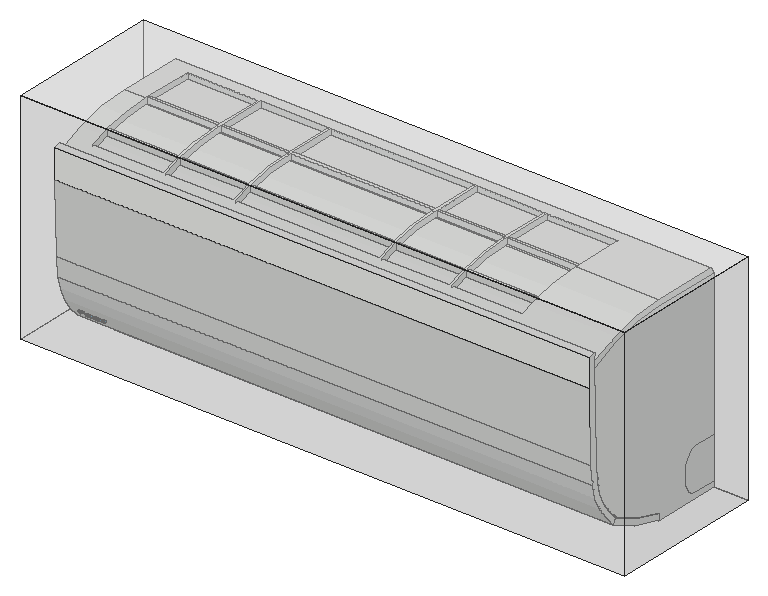
Revit family "outputfile", category 機械設備, Revit 2024
Family settings
  丸型コネクタ寸法 = 半径を使用
  パーツ タイプ = 標準
  OmniClass 番号 = 23.75.10.24.21.27.27
  OmniClass タイトル = Split System Air Conditioning Units
  作業面ベース = いいえ
  常に垂直 = はい
  ロード時にボイドで切り取り = いいえ
  注釈の向きを維持 = いいえ
  共有 = いいえ
  部屋計算ポイント = いいえ
Parameters (values of type "FTXV20UVMA")
  Description = ""
  書き出し IFC クラス(タイプ) = "IfcUnitaryEquipmentType"
  定義済み IFC タイプ(タイプ) = "AIRCONDITIONINGUNIT"
  Cost = 0
  Type Comments = ""
  Keynote = ""
  Type Image = (empty or 0)
  Assembly Code = ""
  w_wall hole = if(Width = 770.0 mm, 48.0 mm, 60.0 mm)  # 48.0 mm
  製造元 = "Daikin"
  モデル = "FTXV20UVMA"
  switch_frequency = yes
  r_Liquid Pipe Size = Liquid Pipe Size / 2  # 3.2 mm
  r_Gas Pipe Size = Gas Pipe Size / 2  # 4.75 mm
  r_Drain Pipe Size = Drain Pipe Size / 2  # 8.0 mm
  lw_powersupply [instance] = if(Width = 770.0 mm, if(or(Rear Right Connection_refrigerant, Bottom Right Connection_refrigerant), 25.0 mm, if(or(Rear Left Connection_refrigerant, Bottom Left Connection_refrigerant), 745.0 mm, 400.0 mm)), if(Width = 990.0 mm, if(or(Rear Right Connection_refrigerant, Bottom Right Connection_refrigerant), 40.0 mm, if(or(Rear Left Connection_refrigerant, Bottom Left Connection_refrigerant), 920.0 mm, 400.0 mm)), if(or(Rear Right Connection_refrigerant, Bottom Right Connection_refrigerant), 40.0 mm, if(or(Rear Left Connection_refrigerant, Bottom Left Connection_refrigerant), 920.0 mm, 400.0 mm))))  # 400.0 mm
  lw_liquidpipe [instance] = if(Width = 770.0 mm, if(or(Rear Right Connection_refrigerant, Bottom Right Connection_refrigerant), 0.0 mm, if(or(Rear Left Connection_refrigerant, Bottom Left Connection_refrigerant), 664.0 mm, 385.0 mm)), if(Width = 990.0 mm, if(or(Rear Right Connection_refrigerant, Bottom Right Connection_refrigerant), 0.0 mm, if(or(Rear Left Connection_refrigerant, Bottom Left Connection_refrigerant), 664.0 mm + (990.0 mm - 770.0 mm), 475.0 mm)), if(or(Rear Right Connection_refrigerant, Bottom Right Connection_refrigerant), 0.0 mm, if(or(Rear Left Connection_refrigerant, Bottom Left Connection_refrigerant), 664.0 mm + (990.0 mm - 770.0 mm), 475.0 mm))))  # 385.0 mm
  lw_gaspipe [instance] = if(Width = 770.0 mm, if(or(Rear Right Connection_refrigerant, Bottom Right Connection_refrigerant), 0.0 mm, if(or(Rear Left Connection_refrigerant, Bottom Left Connection_refrigerant), 675.0 mm, if(Gas Pipe Size = 12.7 mm, 345.0 mm, 335.0 mm))), if(Width = 990.0 mm, if(or(Rear Right Connection_refrigerant, Bottom Right Connection_refrigerant), 10.0 mm, if(or(Rear Left Connection_refrigerant, Bottom Left Connection_refrigerant), 890.0 mm, if(Gas Pipe Size = 15.9 mm, 410.0 mm, 400.0 mm))), if(or(Rear Right Connection_refrigerant, Bottom Right Connection_refrigerant), 10.0 mm, if(or(Rear Left Connection_refrigerant, Bottom Left Connection_refrigerant), 890.0 mm, if(Gas Pipe Size = 15.9 mm, 410.0 mm, 400.0 mm)))))  # 335.0 mm
  lw_drainpipe [instance] = if(Width = 770.0 mm, if(or(Rear Right Connection_refrigerant, Bottom Right Connection_refrigerant), 0.0 mm, if(or(Rear Left Connection_refrigerant, Bottom Left Connection_refrigerant), 770.0 mm - 48.0 mm - 48.0 mm, 440.0 mm)), if(Width = 990.0 mm, if(or(Rear Right Connection_refrigerant, Bottom Right Connection_refrigerant), 0.0 mm, if(or(Rear Left Connection_refrigerant, Bottom Left Connection_refrigerant), 675.0 mm + (990.0 mm - 770.0 mm), 435.0 mm)), if(or(Rear Right Connection_refrigerant, Bottom Right Connection_refrigerant), 0.0 mm, if(or(Rear Left Connection_refrigerant, Bottom Left Connection_refrigerant), 675.0 mm + (990.0 mm - 770.0 mm), 435.0 mm))))  # 440.0 mm
  l_powersupply_length [instance] = if(Width = 770.0 mm, if(Right Connection_refrigerant, 400.0 mm, if(Left Connection_refrigerant, 770.0 mm - 400.0 mm, if(or(Rear Left Connection_refrigerant, Rear Right Connection_refrigerant), 15.0 mm, 50.0 mm))), if(Width = 990.0 mm, if(Right Connection_refrigerant, 400.0 mm, if(Left Connection_refrigerant, 990.0 mm - 400.0 mm, if(or(Rear Left Connection_refrigerant, Rear Right Connection_refrigerant), 15.0 mm, 50.0 mm))), if(Right Connection_refrigerant, 400.0 mm, if(Left Connection_refrigerant, 990.0 mm - 400.0 mm, if(or(Rear Left Connection_refrigerant, Rear Right Connection_refrigerant), 15.0 mm, 50.0 mm)))))  # 400.0 mm
  l_liquidpipe_length [instance] = if(Width = 770.0 mm, if(Right Connection_refrigerant, 433.0 mm, if(Left Connection_refrigerant, 337.0 mm, if(or(Rear Left Connection_refrigerant, Rear Right Connection_refrigerant), 30.0 mm, 40.0 mm))), if(Width = 990.0 mm, if(Right Connection_refrigerant, 535.0 mm, if(Left Connection_refrigerant, 455.0 mm, if(or(Rear Left Connection_refrigerant, Rear Right Connection_refrigerant), 30.0 mm, 40.0 mm))), if(Right Connection_refrigerant, 535.0 mm, if(Left Connection_refrigerant, 455.0 mm, if(or(Rear Left Connection_refrigerant, Rear Right Connection_refrigerant), 30.0 mm, 40.0 mm)))))  # 433.0 mm
  l_gaspipe_length [instance] = if(Width = 770.0 mm, if(Right Connection_refrigerant, if(Gas Pipe Size = 12.7 mm, 393.0 mm, 383.0 mm), if(Left Connection_refrigerant, if(Gas Pipe Size = 12.7 mm, 770.0 mm - 393.0 mm, 770.0 mm - 383.0 mm), if(or(Rear Left Connection_refrigerant, Rear Right Connection_refrigerant), 40.0 mm, 50.0 mm))), if(Width = 990.0 mm, if(Right Connection_refrigerant, if(Gas Pipe Size = 15.9 mm, 470.0 mm, 460.0 mm), if(Left Connection_refrigerant, if(Gas Pipe Size = 15.9 mm, 990.0 mm - 470.0 mm, 990.0 mm - 460.0 mm), if(or(Rear Left Connection_refrigerant, Rear Right Connection_refrigerant), 40.0 mm, 50.0 mm))), if(Right Connection_refrigerant, if(Gas Pipe Size = 15.9 mm, 460.0 mm, 460.0 mm), if(Left Connection_refrigerant, if(Gas Pipe Size = 15.9 mm, 990.0 mm - 460.0 mm, 990.0 mm - 460.0 mm), if(or(Rear Left Connection_refrigerant, Rear Right Connection_refrigerant), 40.0 mm, 50.0 mm)))))  # 383.0 mm
  l_drainpipe_length [instance] = if(Width = 770.0 mm, if(Right Connection_refrigerant, 488.0 mm, if(Left Connection_refrigerant, 282.0 mm, if(or(Rear Left Connection_refrigerant, Rear Right Connection_refrigerant), 15.0 mm, 20.0 mm))), if(Width = 990.0 mm, if(Right Connection_refrigerant, 495.0 mm, if(Left Connection_refrigerant, 495.0 mm, if(or(Rear Left Connection_refrigerant, Rear Right Connection_refrigerant), 15.0 mm, 20.0 mm))), if(Right Connection_refrigerant, 495.0 mm, if(Left Connection_refrigerant, 495.0 mm, if(or(Rear Left Connection_refrigerant, Rear Right Connection_refrigerant), 15.0 mm, 20.0 mm)))))  # 488.0 mm
  h*** = 0.0 mm  # constant formula
  connector_voltage = Voltage_50Hz  # 230 V
  connector_powerinput = [Power Input (Cooling)]  # 0.430 kW
  connector_phase = Phase_50Hz  # 1
  angle_vertical [instance] = if(or(Bottom Left Connection_refrigerant, Bottom Right Connection_refrigerant), 0.00°, 90.00°)  # 90.00°
  angle_horizontal [instance] = if(Right Connection_refrigerant, 90.00°, if(Left Connection_refrigerant, -90.00°, if(or(Rear Left Connection_refrigerant, Rear Right Connection_refrigerant), 180.00°, 0.00°)))  # 90.00°
  Width = 770.0 mm
  Voltage_comment_60Hz = "220-230"
  Voltage_comment_50Hz = "220 - 240"
  Voltage_60Hz = 220 V
  Voltage_50Hz = 230 V
  Version = "ver.1.0"
  Unit Type = "Wall Mounted"
  Unit Mass Weight = 9.00 kg
  Unit Designation [instance] = ""
  Uniclass2015Version = "Products v1.30"
  Uniclass2015Title = "Split coil room air conditioning units"
  Uniclass2015Code = "Pr_70_65_03_86"
  URL = ""
  Total Heating Capacity [instance] = 0.000 kW
  Total Cooling Capacity [instance] = 0.000 kW
  Sound Pressure Level_M speed (dBA) = 32
  Sound Pressure Level_L speed (dBA) = 25
  Sound Pressure Level_H speed (dBA) = 38
  Sound Power Level_H speed (dB) = 0
  Series = "Single Split_Fan Coil Unit"
  Sensible Cooling Capacity [instance] = 0.000 kW
  Refrigerant Type = "R32"
  Power Input (Heating) = 0.590 kW
  Power Input (Cooling) = 0.430 kW
  Phase_60Hz = 1
  Phase_50Hz = 1
  Option Accessory 3 [instance] = ""
  Option Accessory 2 [instance] = ""
  Option Accessory 1 [instance] = ""
  Nominal Heating Capacity = 2.700 kW
  Nominal Cooling Capacity = 2.000 kW
  Minimum Circuit Amps_60Hz = 0.0 A
  Minimum Circuit Amps_50Hz = 0.0 A
  Minimum Airflow = 300.00 m³/h
  Median Airflow = 426.00 m³/h
  Maximum Fuse Amps_60Hz = 0.0 A
  Maximum Fuse Amps_50Hz = 0.0 A
  Maximum Airflow = 546.00 m³/h
  Material_Casing = DAIKIN_PureWhite_Casing_indoorunit
  Load Classification = HVAC
  Liquid Pipe Size = 6.4 mm
  Link_Nested Family [instance] = ""
  IfcVersion = ""
  IfcExportType = "AIRCONDITIONINGUNIT"
  IfcExportAs = "IfcUnitaryEquipmentType"
  Height = 285.0 mm
  Heating Entering Wet Bulb Temperature [instance] = -273.15 °C
  Heating Entering Dry Bulb Temperature [instance] = -273.15 °C
  Heating Ambient Wet Bulb Temperature [instance] = -273.15 °C
  Heating Ambient Dry Bulb Temperature [instance] = -273.15 °C
  Heat Exchanger Type = "Cross Fin Coil"
  Gas Pipe Size = 9.5 mm
  Frequency_60Hz = 60 Hz
  Frequency_50Hz = 50 Hz
  Fan Type = "Cross Flow Fan"
  Fan Drive = "-"
  FCU Tag No. [instance] = ""
  Drain Pipe Size = 16.0 mm
  Design Supply Airflow [instance] = 0.00 m³/h
  Depth = 223.0 mm
  既定の高さ = 0.0 mm
  Cooling Entering Wet Bulb Temperature [instance] = 0.00 °C
  Cooling Entering Dry Bulb Temperature [instance] = 0.00 °C
  Cooling Ambient Wet Bulb Temperature [instance] = 0.00 °C
  Cooling Ambient Dry Bulb Temperature [instance] = 0.00 °C
  Clearance visibility [instance] = yes
  Clearance Top = 30.0 mm
  Clearance Right = 50.0 mm
  Clearance Rear = 0.0 mm
  Clearance Left = 50.0 mm
  Clearance Front = 0.0 mm
  Clearance Bottom = 0.0 mm
  Bottom Right Connection_refrigerant [instance] = no
  Bottom Left Connection_refrigerant [instance] = no
  Rear Right Connection_refrigerant [instance] = no
  Rear Left Connection_refrigerant [instance] = no
  Right Connection_refrigerant [instance] = yes
  Left Connection_refrigerant [instance] = no
Reference planes
  plane 1 "Back": y = 0
  plane 2: z = 0
  plane 3 "Center (Left/Right)": x = 0
  plane 4 "Center (Front/Back)": y = -111.5
  plane 5 "Front": y = -223
  plane 6 "Left": x = -385
  plane 7 "Right": x = 385
  plane 8 "Top": z = 0
  plane 9 "Bottom": z = -285
  plane 10: x = -435
  plane 11: x = 435
  plane 12: y = 0
  plane 13: y = -223
  plane 14: z = 30
  plane 15: z = -285
  plane 16 "lw_Piping and Wiring intake": x = 337
  plane 17 "lw_gaspipe": x = 2
  plane 18 "lw_liquidpipe": x = -48
  plane 19 "lw_drainpipe": x = -103
  plane 20 "lh_drainpipe": z = -265
  plane 21 "lh_liquidpipe": z = -245
  plane 22 "lh_gaspipe": z = -235
  plane 23 "ld_drainpipe": y = -15
  plane 24 "ld_liquidpipe": y = -30
  plane 25 "ld_gaspipe": y = -40
  plane 26 "lw_powersupply": x = -15
Dimensions and locks
  equal spacing: plane 6 "Left", plane 3 "Center (Left/Right)", plane 7 "Right"
  "Width": plane 6 "Left" to plane 7 "Right"
  equal spacing: plane 5 "Front", plane 4 "Center (Front/Back)", plane 1 "Back"
  "Depth": plane 5 "Front" to plane 1 "Back"
  "Height": plane 8 "Top" to plane 9 "Bottom"
  "Clearance Rear": plane 12 to plane 1 "Back"
  "Clearance Front": plane 13 to plane 5 "Front"
  "Clearance Top": plane 14 to plane 8 "Top"
  "Clearance Bottom": plane 9 "Bottom" to plane 15
  "w_wall hole": plane 16 "lw_Piping and Wiring intake" to plane 7 "Right"
  "lw_gaspipe": plane 17 "lw_gaspipe" to plane 16 "lw_Piping and Wiring intake"
  "lw_liquidpipe": plane 18 "lw_liquidpipe" to plane 16 "lw_Piping and Wiring intake"
  "lw_drainpipe": plane 19 "lw_drainpipe" to plane 16 "lw_Piping and Wiring intake"
  locked: plane 20 "lh_drainpipe" to plane 9 "Bottom" at 20
  locked: plane 21 "lh_liquidpipe" to plane 9 "Bottom" at 40
  locked: plane 22 "lh_gaspipe" to plane 9 "Bottom" at 50
  locked: plane 23 "ld_drainpipe" to plane 1 "Back" at 15
  locked: plane 1 "Back" to plane 24 "ld_liquidpipe" at 30
  locked: plane 1 "Back" to plane 25 "ld_gaspipe" at 40
  "lw_powersupply": plane 26 "lw_powersupply" to plane 7 "Right"
  "Clearance Left": plane 10 to plane 6 "Left"
  "Clearance Right": plane 7 "Right" to plane 11
  aligned and locked: level to plane 2
  aligned and locked: plane 12 to nested 1
  aligned and locked: nested 1 to plane 13
  aligned and locked: plane 10 to nested 1
  aligned and locked: plane 11 to nested 1
  aligned and locked: plane 15 to nested 1
  aligned and locked: plane 14 to nested 1
  aligned and locked: plane 17 "lw_gaspipe" to nested 2
  aligned and locked: nested 2 to plane 25 "ld_gaspipe"
  aligned and locked: plane 18 "lw_liquidpipe" to nested 3
  aligned and locked: nested 3 to plane 24 "ld_liquidpipe"
  aligned and locked: plane 19 "lw_drainpipe" to nested 4
  aligned and locked: nested 4 to plane 23 "ld_drainpipe"
  aligned and locked: nested 5 to plane 23 "ld_drainpipe"
  aligned and locked: plane 26 "lw_powersupply" to nested 5
  aligned and locked: level to plane 8 "Top"
  aligned and locked: plane 3 "Center (Left/Right)" to nested 6
  aligned and locked: plane 1 "Back" to nested 6
  aligned and locked: plane 8 "Top" to nested 6
Nested families
  nested 1: "daikin_clearancespace" at (0, -111.5, -127.381), show <- "Clearance visibility", visible <- "Clearance visibility", Link_Nested Family <- "Link_Nested Family", type "daikin_clearancespace"
    with width 870.0 mm, show yes, height 315.0 mm, depth 223.0 mm, Link_Nested Family ""
  nested 2: "daikin_connector_rotate3" at (2, -40, -235), angle_vertical <- "angle_vertical", angle_horizontal <- "angle_horizontal", length <- "l_gaspipe_length", radius <- "r_Gas Pipe Size", type "daikin_connector_rotate3"
    with show no, radius 4.75 mm, length 383.0 mm, angle_vertical 90.00°, angle_horizontal 90.00°
  nested 3: "daikin_connector_rotate3" at (-48, -30, -245), angle_vertical <- "angle_vertical", angle_horizontal <- "angle_horizontal", radius <- "r_Liquid Pipe Size", length <- "l_liquidpipe_length", type "daikin_connector_rotate3"
    with show no, radius 3.2 mm, length 433.0 mm, angle_vertical 90.00°, angle_horizontal 90.00°
  nested 4: "daikin_connector_rotate3" at (-103, -15, -265), angle_vertical <- "angle_vertical", angle_horizontal <- "angle_horizontal", length <- "l_drainpipe_length", radius <- "r_Drain Pipe Size", type "daikin_connector_rotate3"
    with show no, radius 8.0 mm, length 488.0 mm, angle_vertical 90.00°, angle_horizontal 90.00°
  nested 5: "daikin_connector_rotate3" at (-15, -15, -235), angle_vertical <- "angle_vertical", angle_horizontal <- "angle_horizontal", length <- "l_powersupply_length", type "daikin_connector_rotate3"
    with show no, radius 10.0 mm, length 400.0 mm, angle_vertical 90.00°, angle_horizontal 90.00°
  nested 6: "DAIKIN_indoorunit_FTXV-UVMA" at (-31, 0, 0), type "FTXV-UVMA"
    with Width=990 no, Width=770 yes, Width 770.0 mm, WALL HOLE-R 48.0 mm, WALL HOLE Size 65.0 mm, Height 285.0 mm
Connectors
  piping at (385, -40, -235), diameter 9.5, driven by "r_Gas Pipe Size"
    settings: on nested 2, index 1, connector inside diameter 609.6 mm, connector length 0.0 mm, flow factor 0, pipe flow 0.00 m³/h, pressure drop 0.0 Pa, fitting loss kfactor 0, connector angle 0.00°, fixture units 0, engagement length 0.0 mm, angle of deflection 0.00°, flow configuration 1, flow direction 2, fitting loss method 0, system type 29, joint type 0, gender type 0, connector reference index -1, connector utility 0, adjustable connector no, is connector primary yes, connector description "Refrigerant Gas Piping"
  piping at (385, -30, -245), diameter 6.4, driven by "r_Liquid Pipe Size"
    settings: on nested 3, index 2, connector inside diameter 609.6 mm, connector length 0.0 mm, flow factor 0, pipe flow 0.00 m³/h, pressure drop 0.0 Pa, fitting loss kfactor 0, connector angle 0.00°, fixture units 0, engagement length 0.0 mm, angle of deflection 0.00°, flow configuration 1, flow direction 1, fitting loss method 0, system type 29, joint type 0, gender type 0, connector reference index -1, connector utility 0, adjustable connector no, is connector primary no, connector description "Refrigerant Liquid Piping"
  piping at (385, -15, -265), diameter 16, driven by "r_Drain Pipe Size"
    settings: on nested 4, index 3, connector inside diameter 609.6 mm, connector length 0.0 mm, flow factor 0, pipe flow 0.00 m³/h, pressure drop 0.0 Pa, fitting loss kfactor 0, connector angle 0.00°, fixture units 0, engagement length 0.0 mm, angle of deflection 0.00°, flow configuration 1, flow direction 2, fitting loss method 4, system type 16, joint type 0, gender type 0, connector reference index -1, connector utility 0, adjustable connector no, is connector primary no, connector description "Condensate Drain Piping"
  electrical at (385, -15, -235), driven by "Load Classification", driven by "connector_voltage", driven by "connector_phase", driven by "connector_powerinput"
    settings: on nested 5, index 4, voltage 230 V, apparent load 430 VA, apparent load phase1 0 VA, apparent load phase2 0 VA, apparent load phase3 0 VA, power factor 1, load classification "HVAC", number of poles 1, system type 30, power factor state 1, is connector primary yes, connector utility no, sub classification motor no, connector description "Power Supply"
Definition of nested family "daikin_clearancespace"
  Parameters (values of type "daikin_clearancespace")
    Description = "daikin_clearancespace"
    width [instance] = 1823.963 mm
    show [instance] = yes
    material = none
    height [instance] = 1359.762 mm
    depth [instance] = 880.0 mm
    Default Elevation = 0.0 mm
    Link_Nested Family [instance] = ""
  Reference planes
    plane 1 "Center (Front/Back)": y = 0
    plane 2 "Center (Elevation)": z = -0.119
    plane 3 "Center (Left/Right)": x = 0
    plane 4: y = 440
    plane 5: y = -440
    plane 6 "Right": x = 911.982
    plane 7 "Left": x = -911.982
    plane 8 "Top": z = 679.762
    plane 9 "Bottom": z = -680
  Forms (mm)
    Extrusion 1, solid, material <- "material", visible <- "show"
      sketch origin (0, 0, 0) x (1, 0, 0) y (0, 1, 0)
        loop
          line (-911.982, 440) -> (-911.982, -440) -> (911.982, -440) -> (911.982, 440) -> (-911.982, 440)
      from -680 to 679.762
  Lines and regions (mm)
    symbolic lines, visible <- "show"
      curve 1: line (911.982, 440, 0) -> (-911.982, 440, 0)
      curve 2: line (-911.982, 440, 0) -> (-911.982, -440, 0)
      curve 3: line (-911.982, -440, 0) -> (911.982, -440, 0)
      curve 4: line (911.982, -440, 0) -> (911.982, 440, 0)
      curve 5: line (911.982, 0, 679.762) -> (-911.982, 0, 679.762)
      curve 6: line (911.982, 0, -680) -> (911.982, 0, 679.762)
      curve 7: line (-911.982, 0, -680) -> (911.982, 0, -680)
      curve 8: line (-911.982, 0, 679.762) -> (-911.982, 0, -680)
      curve 9: line (0, 440, 679.762) -> (0, -440, 679.762)
      curve 10: line (0, -440, 679.762) -> (0, -440, -680)
      curve 11: line (0, 440, -680) -> (0, 440, 679.762)
      curve 12: line (0, -440, -680) -> (0, 440, -680)
  Dimensions and locks
    "width": plane 7 "Left" to plane 6 "Right"
    "depth": plane 4 to plane 5
    "height": plane 8 "Top" to plane 9 "Bottom"
    equal spacing: plane 7 "Left", plane 3 "Center (Left/Right)", plane 6 "Right"
    equal spacing: plane 4, plane 1 "Center (Front/Back)", plane 5
    equal spacing: plane 8 "Top", plane 2 "Center (Elevation)", plane 9 "Bottom"
    aligned and locked: level to plane 2 "Center (Elevation)"
    aligned and locked: Extrusion 1 sketch curve to plane 4
    aligned and locked: plane 7 "Left" to Extrusion 1 sketch curve
    aligned and locked: Extrusion 1 sketch curve to plane 5
    aligned and locked: Extrusion 1 sketch curve to plane 6 "Right"
    aligned and locked: plane 8 "Top" to Extrusion 1
    aligned and locked: curve 1 to Extrusion 1
    aligned and locked: curve 2 to Extrusion 1
    aligned and locked: curve 3 to Extrusion 1
    aligned and locked: curve 4 to Extrusion 1
    aligned and locked: curve 5 to Extrusion 1
    aligned and locked: curve 6 to Extrusion 1
    aligned and locked: curve 7 to Extrusion 1
    aligned and locked: curve 8 to Extrusion 1
    aligned and locked: curve 9 to Extrusion 1
    aligned and locked: curve 10 to Extrusion 1
    aligned and locked: curve 11 to Extrusion 1
    aligned and locked: curve 12 to Extrusion 1
    aligned and locked: Extrusion 1 to plane 9 "Bottom"
Definition of nested family "DAIKIN_indoorunit_FTXV-UVMA"
  Parameters (values of type "FTKF-TVMA")
    Width=990 = Width = 990.0 mm  # yes
    Width=770 = Width = 770.0 mm  # no
    Width = 990.0 mm
    WALL HOLE-R = if(Width = 770.0 mm, 48.0 mm, 60.0 mm)  # 60.0 mm
    WALL HOLE Size = if(Width = 770.0 mm, 65.0 mm, 80.0 mm)  # 80.0 mm
    Material_Casing = none
    Height = if(Width = 770.0 mm, 285.0 mm, 295.0 mm)  # 295.0 mm
    Default Elevation = 0.0 mm
  Reference planes
    plane 1 "Center (Front/Back)": y = 0
    plane 2 "reference_level": z = 0
    plane 3 "Center (Left/Right)": x = 31
    plane 4: x = -464
    plane 5: x = 526
    plane 6: z = -295
  Forms (mm)
    Extrusion 1, solid, material <- "Material_Casing", visible <- "Width=770"
      sketch origin (29, 0, 0) x (0, 1, 0) y (0, 0, 1)
        loop
          line (-5, 0) -> (-98, 0)
          arc (-98, 0) -> (-157.611, -7.211) -> (-213.783, -28.427) r 250
          arc (-213.783, -28.427) -> (-213.842, -32.972) -> (-213.892, -37.516) r 2191
          arc (-213.892, -37.516) -> (-157.832, -15.495) -> (-98.07, -8) r 242
          line (-98.07, -8) -> (0, -8) -> (-5, 0)
      from -383 to 387
    Extrusion 2, solid, material <- "Material_Casing", visible <- "Width=770"
      sketch origin (416, 1296.25, 1200) x (0, 1, 0) y (0, 0, 1)
        loop
          line (-1472.998, -1446.91) -> (-1476.998, -1453.839)
          arc (-1476.998, -1453.839) -> (-1437.481, -1472.422) -> (-1395.25, -1483.538) r 240
          line (-1395.25, -1483.538) -> (-1395.25, -1475.422)
          arc (-1395.25, -1475.422) -> (-1435.407, -1464.663) -> (-1472.998, -1446.91) r 232
      from 0 to -47.5
    Extrusion 3, solid, material <- "Material_Casing", visible <- "Width=770"
      sketch origin (29, 0, 0) x (0, 1, 0) y (0, 0, 1)
        loop
          arc (-223, -60.455) -> (-222.414, -110.646) -> (-220.656, -160.81) r 2149.92
          arc (-220.656, -160.81) -> (-219.65, -174.299) -> (-217.853, -187.706) r 229.911
          arc (-217.853, -187.706) -> (-205.371, -223.594) -> (-181.517, -253.17) r 111
          line (-181.517, -253.17) -> (-177.429, -246.093)
          arc (-177.429, -246.093) -> (-198.77, -218.989) -> (-209.965, -186.36) r 103
          arc (-209.965, -186.36) -> (-211.681, -173.586) -> (-212.651, -160.735) r 221.844
          arc (-212.651, -160.735) -> (-214.739, -93.233) -> (-214.74, -25.699) r 2186.828
          arc (-214.74, -25.699) -> (-214.671, -21.467) -> (-214.594, -17.235) r 2192
          line (-214.594, -17.235) -> (-223, -19.961) -> (-223, -60.455)
      from -383 to 387
    Extrusion 4, solid, material <- "Material_Casing", visible <- "Width=770"
      sketch origin (29, 0, -20) x (0, 1, 0) y (0, 0, 1)
        loop
          line (0, -265) -> (0, 12) -> (-98.07, 12)
          arc (-98.07, 12) -> (-157.832, 4.505) -> (-213.892, -17.516) r 242
          arc (-213.892, -17.516) -> (-213.638, -79.114) -> (-211.653, -140.681) r 2191
          arc (-211.653, -140.681) -> (-210.685, -153.501) -> (-208.973, -166.243) r 221
          arc (-208.973, -166.243) -> (-197.471, -199.282) -> (-175.482, -226.491) r 102
          arc (-175.482, -226.491) -> (-138.004, -244.019) -> (-98, -254.579) r 231
          line (-98, -254.579) -> (-98, -265) -> (0, -265)
      from -383 to 387
    Extrusion 5, solid, material <- "Material_Casing", visible <- "Width=770"
      sketch origin (-354, 1296.25, 1200) x (0, 1, 0) y (0, 0, 1)
        loop
          line (-1472.998, -1446.91) -> (-1476.998, -1453.839)
          arc (-1476.998, -1453.839) -> (-1437.481, -1472.422) -> (-1395.25, -1483.538) r 240
          line (-1395.25, -1483.538) -> (-1395.25, -1475.422)
          arc (-1395.25, -1475.422) -> (-1435.407, -1464.663) -> (-1472.998, -1446.91) r 232
      from 47 to 0
    Extrusion 6, solid, material <- "Material_Casing", visible <- "Width=770"
      sketch origin (416, 1296.25, 1200) x (0, 1, 0) y (0, 0, 1)
        loop
          line (-1472.998, -1446.91) -> (-1476.998, -1453.839)
          arc (-1476.998, -1453.839) -> (-1443.437, -1470.168) -> (-1407.75, -1481.097) r 240
          line (-1407.75, -1481.097) -> (-1407.75, -1472.894)
          arc (-1407.75, -1472.894) -> (-1441.363, -1462.385) -> (-1472.998, -1446.91) r 232
      from -116.993 to -48.493
    Extrusion 7, solid, material <- "Material_Casing", visible <- "Width=770"
      sketch origin (416, 1296.25, 1200) x (0, 1, 0) y (0, 0, 1)
        loop
          line (-1472.998, -1446.91) -> (-1476.998, -1453.839)
          arc (-1476.998, -1453.839) -> (-1443.437, -1470.168) -> (-1407.75, -1481.097) r 240
          line (-1407.75, -1481.097) -> (-1407.75, -1472.894)
          arc (-1407.75, -1472.894) -> (-1441.363, -1462.385) -> (-1472.998, -1446.91) r 232
      from -717 to -121.993
    Extrusion 8, void
      sketch origin (31, 0, -235) x (1, 0, 0) y (0, 1, 0)
        loop
          line (-252.674, -22.316) -> (-354.941, -22.316) -> (-354.941, -91.341) -> (-252.674, -91.341) -> (-252.674, -22.316)
        loop
          line (-249.341, -91.341) -> (-151.574, -91.341) -> (-151.574, -22.316) -> (-249.341, -22.316) -> (-249.341, -91.341)
        loop
          line (58.309, -22.316) -> (-148.309, -22.316) -> (-148.309, -91.341) -> (58.309, -91.341) -> (58.309, -22.316)
        loop
          line (61.689, -22.316) -> (61.689, -91.341) -> (159.457, -91.341) -> (159.457, -22.316) -> (61.689, -22.316)
        loop
          line (162.789, -22.316) -> (162.789, -91.341) -> (265.057, -91.341) -> (265.057, -22.316) -> (162.789, -22.316)
        loop
          line (-354.941, -94.659) -> (-354.941, -165.259) -> (-252.674, -165.259) -> (-252.674, -94.659) -> (-354.941, -94.659)
        loop
          line (-249.341, -94.659) -> (-249.341, -165.259) -> (-151.574, -165.259) -> (-151.574, -94.659) -> (-249.341, -94.659)
        loop
          line (-148.309, -94.659) -> (-148.309, -165.259) -> (58.309, -165.259) -> (58.309, -94.659) -> (-148.309, -94.659)
        loop
          line (61.689, -94.659) -> (61.689, -165.259) -> (159.457, -165.259) -> (159.457, -94.659) -> (61.689, -94.659)
        loop
          line (162.789, -94.659) -> (162.789, -165.259) -> (265.057, -165.259) -> (265.057, -94.659) -> (162.789, -94.659)
        loop
          line (-354.941, -167.382) -> (-354.941, -192.681) -> (-252.674, -192.681) -> (-252.674, -167.382) -> (-354.941, -167.382)
        loop
          line (-249.341, -167.382) -> (-249.341, -192.681) -> (-151.574, -192.681) -> (-151.574, -167.382) -> (-249.341, -167.382)
        loop
          line (-148.309, -167.382) -> (-148.309, -192.681) -> (58.309, -192.681) -> (58.309, -167.382) -> (-148.309, -167.382)
        loop
          line (159.457, -167.382) -> (61.689, -167.382) -> (61.689, -192.681) -> (159.457, -192.681) -> (159.457, -167.382)
        loop
          line (265.057, -167.382) -> (162.789, -167.382) -> (162.789, -192.681) -> (265.057, -192.681) -> (265.057, -167.382)
      from 201.638 to 250
    Extrusion 9, solid, material <- "Material_Casing"
      sketch origin (31, 0, 0) x (1, 0, 0) y (0, 0, 1)
        loop
          circle (435, -250.5) r 40
        loop
          circle (-447, -250.5) r 40
      from 0 to 5
    Extrusion 10, solid, material <- "Material_Casing", visible <- "Width=770"
      sketch origin (416, 1296.25, 1200) x (0, -1, 0) y (0, 0, 1)
        loop
          line (1326.25, -1417) -> (1296.25, -1417) -> (1296.25, -1477) -> (1326.25, -1477)
          arc (1326.25, -1477) -> (1340.393, -1471.142) -> (1346.25, -1457) r 20
          line (1346.25, -1457) -> (1346.25, -1437)
          arc (1346.25, -1437) -> (1340.393, -1422.858) -> (1326.25, -1417) r 20
      from 0 to 5
    Extrusion 11, solid, material <- "Material_Casing", visible <- "Width=770"
      sketch origin (-354, 1296.25, 1200) x (0, 1, 0) y (0, 0, 1)
        loop
          line (-1296.25, -1417) -> (-1326.25, -1417)
          arc (-1326.25, -1417) -> (-1340.393, -1422.858) -> (-1346.25, -1437) r 20
          line (-1346.25, -1437) -> (-1346.25, -1457)
          arc (-1346.25, -1457) -> (-1340.393, -1471.142) -> (-1326.25, -1477) r 20
          line (-1326.25, -1477) -> (-1296.25, -1477) -> (-1296.25, -1417)
      from 0 to 5
    Extrusion 12, solid, material <- "Material_Casing", visible <- "Width=770"
      sketch origin (31, 0, -285) x (-1, 0, 0) y (0, -1, 0)
        loop
          line (-314, 0) -> (-314, 30)
          arc (-314, 30) -> (-319.858, 44.142) -> (-334, 50) r 20
          line (-334, 50) -> (-354, 50)
          arc (-354, 50) -> (-368.142, 44.142) -> (-374, 30) r 20
          line (-374, 30) -> (-374, 0) -> (-314, 0)
        loop
          line (374, 0) -> (374, 30)
          arc (374, 30) -> (368.142, 44.142) -> (354, 50) r 20
          line (354, 50) -> (334, 50)
          arc (334, 50) -> (319.858, 44.142) -> (314, 30) r 20
          line (314, 30) -> (314, 0) -> (374, 0)
      from 0 to 5
    Extrusion 13, solid, material <- "Material_Casing", visible <- "Width=990"
      sketch origin (31, 0, 0) x (0, 1, 0) y (0, 0, 1)
        loop
          line (-5, 0) -> (-138, 0)
          arc (-138, 0) -> (-197.611, -7.211) -> (-253.783, -28.427) r 250
          arc (-253.783, -28.427) -> (-253.838, -32.687) -> (-253.886, -36.946) r 2191
          arc (-253.886, -36.946) -> (-197.73, -15.346) -> (-138.014, -8) r 246.393
          line (-138.014, -8) -> (0, -8) -> (-5, 0)
      from -495 to 495
    Extrusion 14, solid, material <- "Material_Casing", visible <- "Width=990"
      sketch origin (418, 1296.25, 1200) x (0, 1, 0) y (0, 0, 1)
        loop
          arc (-1515.208, -1454.149) -> (-1506.856, -1460.599) -> (-1497.925, -1466.219) r 110
          arc (-1497.925, -1466.219) -> (-1445.718, -1487.493) -> (-1389.844, -1494.995) r 223
          line (-1389.844, -1494.995) -> (-1389.844, -1486.086) -> (-1404.386, -1486.086)
          arc (-1404.386, -1486.086) -> (-1449.542, -1477.46) -> (-1491.818, -1459.402) r 214.289
          arc (-1491.818, -1459.402) -> (-1501.056, -1453.541) -> (-1509.606, -1446.715) r 101
          line (-1509.606, -1446.715) -> (-1515.208, -1454.149)
      from 108 to 57.5
    Extrusion 15, solid, material <- "Material_Casing", visible <- "Width=990"
      sketch origin (31, 0, 0) x (0, 1, 0) y (0, 0, 1)
        loop
          line (-263, -19.962) -> (-263, -61.6)
          arc (-263, -61.6) -> (-262.414, -110.219) -> (-260.656, -158.81) r 2017.341
          arc (-260.656, -158.81) -> (-255.648, -191.935) -> (-244.041, -223.362) r 164.725
          arc (-244.041, -223.362) -> (-233.569, -239.793) -> (-219.717, -253.495) r 87.379
          line (-219.717, -253.495) -> (-214.706, -246.846)
          arc (-214.706, -246.846) -> (-229.564, -230.029) -> (-240.385, -210.371) r 102
          arc (-240.385, -210.371) -> (-249.049, -182.962) -> (-252.848, -154.467) r 165.789
          arc (-252.848, -154.467) -> (-254.771, -90.102) -> (-254.74, -25.708) r 2122.533
          arc (-254.74, -25.708) -> (-254.671, -21.469) -> (-254.594, -17.23) r 2192
          line (-254.594, -17.23) -> (-263, -19.962)
      from -495 to 495
    Extrusion 16, void
      sketch origin (33, 0, 0) x (1, 0, 0) y (0, 1, 0)
        loop
          line (-466.909, -22.316) -> (-466.909, -111.341) -> (-366.303, -111.341) -> (-366.303, -22.316) -> (-466.909, -22.316)
        loop
          line (-362.71, -22.316) -> (-362.71, -111.341) -> (-262.103, -111.341) -> (-262.103, -22.316) -> (-362.71, -22.316)
        loop
          line (-258.51, -22.316) -> (-258.51, -111.341) -> (-157.904, -111.341) -> (-157.904, -22.316) -> (-258.51, -22.316)
        loop
          line (-154.31, -22.316) -> (-154.31, -111.341) -> (-53.704, -111.341) -> (-53.704, -22.316) -> (-154.31, -22.316)
        loop
          line (-50.11, -22.316) -> (-50.11, -111.341) -> (50.496, -111.341) -> (50.496, -22.316) -> (-50.11, -22.316)
        loop
          line (54.089, -22.316) -> (54.089, -111.341) -> (154.696, -111.341) -> (154.696, -22.316) -> (54.089, -22.316)
        loop
          line (158.289, -22.316) -> (158.289, -111.341) -> (258.895, -111.341) -> (258.895, -22.316) -> (158.289, -22.316)
        loop
          line (262.489, -22.316) -> (262.489, -111.341) -> (363.095, -111.341) -> (363.095, -22.316) -> (262.489, -22.316)
        loop
          line (-466.909, -114.459) -> (-466.909, -185.059) -> (-366.303, -185.059) -> (-366.303, -114.459) -> (-466.909, -114.459)
        loop
          line (-362.71, -114.459) -> (-362.71, -185.059) -> (-262.103, -185.059) -> (-262.103, -114.459) -> (-362.71, -114.459)
        loop
          line (-258.51, -114.459) -> (-258.51, -185.059) -> (-157.904, -185.059) -> (-157.904, -114.459) -> (-258.51, -114.459)
        loop
          line (-154.31, -114.459) -> (-154.31, -185.059) -> (-53.704, -185.059) -> (-53.704, -114.459) -> (-154.31, -114.459)
        loop
          line (-50.11, -114.459) -> (-50.11, -185.059) -> (50.496, -185.059) -> (50.496, -114.459) -> (-50.11, -114.459)
        loop
          line (54.089, -114.459) -> (54.089, -185.059) -> (154.696, -185.059) -> (154.696, -114.459) -> (54.089, -114.459)
        loop
          line (158.289, -114.459) -> (158.289, -185.059) -> (258.895, -185.059) -> (258.895, -114.459) -> (158.289, -114.459)
        loop
          line (262.489, -114.459) -> (262.489, -185.059) -> (363.095, -185.059) -> (363.095, -114.459) -> (262.489, -114.459)
        loop
          line (-466.909, -187.382) -> (-466.909, -232.681) -> (-366.303, -232.681) -> (-366.303, -187.382) -> (-466.909, -187.382)
        loop
          line (-362.71, -187.382) -> (-362.71, -232.681) -> (-262.103, -232.681) -> (-262.103, -187.382) -> (-362.71, -187.382)
        loop
          line (-258.51, -187.382) -> (-258.51, -232.681) -> (-157.904, -232.681) -> (-157.904, -187.382) -> (-258.51, -187.382)
        loop
          line (-154.31, -187.382) -> (-154.31, -232.681) -> (-53.704, -232.681) -> (-53.704, -187.382) -> (-154.31, -187.382)
        loop
          line (-50.11, -187.382) -> (-50.11, -232.681) -> (50.496, -232.681) -> (50.496, -187.382) -> (-50.11, -187.382)
        loop
          line (54.089, -187.382) -> (54.089, -232.681) -> (154.696, -232.681) -> (154.696, -187.382) -> (54.089, -187.382)
        loop
          line (158.289, -187.382) -> (158.289, -232.681) -> (258.895, -232.681) -> (258.895, -187.382) -> (158.289, -187.382)
        loop
          line (262.489, -187.382) -> (262.489, -232.681) -> (363.095, -232.681) -> (363.095, -187.382) -> (262.489, -187.382)
      from -40.013 to 47.268
    Extrusion 17, solid, material <- "Material_Casing", visible <- "Width=990"
      sketch origin (-356, 1296.25, 1200) x (0, 1, 0) y (0, 0, -1)
        loop
          line (-1515.208, 1454.149) -> (-1509.606, 1446.715)
          arc (-1509.606, 1446.715) -> (-1501.056, 1453.541) -> (-1491.818, 1459.402) r 101
          arc (-1491.818, 1459.402) -> (-1449.542, 1477.46) -> (-1404.386, 1486.086) r 214.289
          line (-1404.386, 1486.086) -> (-1389.844, 1486.086) -> (-1389.844, 1494.995)
          arc (-1389.844, 1494.995) -> (-1445.718, 1487.493) -> (-1497.925, 1466.219) r 223
          arc (-1497.925, 1466.219) -> (-1506.856, 1460.599) -> (-1515.208, 1454.149) r 110
      from 108 to 61
    Extrusion 18, solid, material <- "Material_Casing", visible <- "Width=990"
      sketch origin (418, 1296.25, 1200) x (0, 1, 0) y (0, 0, 1)
        loop
          arc (-1515.208, -1454.149) -> (-1506.856, -1460.599) -> (-1497.925, -1466.219) r 110
          arc (-1497.925, -1466.219) -> (-1463.185, -1482.066) -> (-1426.25, -1491.755) r 223
          line (-1426.25, -1491.755) -> (-1426.25, -1483.166)
          arc (-1426.25, -1483.166) -> (-1460.008, -1473.969) -> (-1491.818, -1459.402) r 214.289
          arc (-1491.818, -1459.402) -> (-1501.056, -1453.541) -> (-1509.606, -1446.715) r 101
          line (-1509.606, -1446.715) -> (-1515.208, -1454.149)
      from 56.5 to -36.993
    Extrusion 19, solid, material <- "Material_Casing", visible <- "Width=990"
      sketch origin (418, 1296.25, 1200) x (0, 1, 0) y (0, 0, 1)
        loop
          arc (-1426.25, -1483.166) -> (-1443.442, -1479.224) -> (-1460.25, -1473.881) r 214.289
          line (-1460.25, -1473.881) -> (-1460.25, -1483.089)
          arc (-1460.25, -1483.089) -> (-1443.421, -1488.091) -> (-1426.25, -1491.755) r 223
          line (-1426.25, -1491.755) -> (-1426.25, -1483.166)
      from -43.493 to -828.893
    Extrusion 20, solid, material <- "Material_Casing", visible <- "Width=990"
      sketch origin (418, 1296.25, 1200) x (0, 1, 0) y (0, 0, 1)
        loop
          arc (-1515.208, -1454.149) -> (-1506.856, -1460.599) -> (-1497.925, -1466.219) r 110
          arc (-1497.925, -1466.219) -> (-1479.479, -1475.527) -> (-1460.25, -1483.089) r 223
          line (-1460.25, -1483.089) -> (-1460.25, -1473.881)
          arc (-1460.25, -1473.881) -> (-1476.328, -1467.282) -> (-1491.818, -1459.402) r 214.289
          arc (-1491.818, -1459.402) -> (-1501.056, -1453.541) -> (-1509.606, -1446.715) r 101
          line (-1509.606, -1446.715) -> (-1515.208, -1454.149)
      from -43.493 to -828.893
    Extrusion 21, solid, material <- "Material_Casing", visible <- "Width=990"
      sketch origin (31, 0, -30) x (0, 1, 0) y (0, 0, 1)
        loop
          line (0, 22) -> (-138.014, 22)
          arc (-138.014, 22) -> (-197.73, 14.654) -> (-253.886, -6.946) r 246.393
          arc (-253.886, -6.946) -> (-253.682, -65.635) -> (-251.855, -124.295) r 2120.935
          arc (-251.855, -124.295) -> (-248.086, -152.682) -> (-239.461, -179.988) r 164.789
          arc (-239.461, -179.988) -> (-228.903, -199.231) -> (-214.437, -215.738) r 101
          line (-214.437, -215.738) -> (-212.406, -216.221)
          arc (-212.406, -216.221) -> (-204.07, -222.837) -> (-195.079, -228.53) r 100
          arc (-195.079, -228.53) -> (-145.557, -248.629) -> (-92.593, -255.785) r 213.289
          line (-92.593, -255.785) -> (-92.593, -265) -> (0, -265) -> (0, 22)
      from -495 to 495
    Extrusion 22, solid, material <- "Material_Casing", visible <- "Width=990"
      sketch origin (526, 1296.25, 1200) x (0, -1, 0) y (0, 0, 1)
        loop
          line (1326.25, -1427.035) -> (1296.25, -1427.035) -> (1296.25, -1487.035) -> (1326.25, -1487.035)
          arc (1326.25, -1487.035) -> (1340.393, -1481.177) -> (1346.25, -1467.035) r 20
          line (1346.25, -1467.035) -> (1346.25, -1447.035)
          arc (1346.25, -1447.035) -> (1340.393, -1432.892) -> (1326.25, -1427.035) r 20
      from 0 to 5
    Extrusion 23, solid, material <- "Material_Casing", visible <- "Width=990"
      sketch origin (-459, 1296.25, 1200) x (0, -1, 0) y (0, 0, 1)
        loop
          line (1326.25, -1427.035) -> (1296.25, -1427.035) -> (1296.25, -1487.035) -> (1326.25, -1487.035)
          arc (1326.25, -1487.035) -> (1340.393, -1481.177) -> (1346.25, -1467.035) r 20
          line (1346.25, -1467.035) -> (1346.25, -1447.035)
          arc (1346.25, -1447.035) -> (1340.393, -1432.892) -> (1326.25, -1427.035) r 20
      from 0 to 5
    Extrusion 24, solid, material <- "Material_Casing", visible <- "Width=990"
      sketch origin (31, 200, -295) x (-1, 0, 0) y (0, -1, 0)
        loop
          line (469, 200) -> (469, 230)
          arc (469, 230) -> (463.142, 244.142) -> (449, 250) r 20
          line (449, 250) -> (429, 250)
          arc (429, 250) -> (414.858, 244.142) -> (409, 230) r 20
          line (409, 230) -> (409, 200) -> (469, 200)
        loop
          line (-469, 200) -> (-409, 200) -> (-409, 230)
          arc (-409, 230) -> (-414.858, 244.142) -> (-429, 250) r 20
          line (-429, 250) -> (-449, 250)
          arc (-449, 250) -> (-463.142, 244.142) -> (-469, 230) r 20
          line (-469, 230) -> (-469, 200)
      from 0 to 5
  Cuts and joins
    Extrusion 8 cuts Extrusion 1
    Extrusion 16 cuts Extrusion 13
  Lines and regions (mm)
    reference lines
      curve 1: line (-523, -201.911, -229.404) -> (-523, -193.542, -239.977)
      curve 2: line (-523, -240.779, -229.404) -> (-523, -232.411, -239.977)
  Dimensions and locks
    locked: Extrusion 10 sketch curve to Extrusion 10 sketch curve at 60
    locked: Extrusion 10 sketch curve to Extrusion 10 sketch curve at 50
    locked: Extrusion 12 sketch curve to Extrusion 12 sketch curve at 60  (x2)
    locked: Extrusion 12 sketch curve to Extrusion 12 sketch curve at 50
    equal spacing: plane 5, plane 3 "Center (Left/Right)", plane 4
    "Width": plane 5 to plane 4
    locked: Extrusion 9 sketch curve to plane 4 at 48
    "WALL HOLE-R": plane 5 to Extrusion 9 sketch curve
    "Height": plane 2 "reference_level" to plane 6
    locked: Extrusion 9 sketch curve to plane 6 at 44.5  (x2)
    locked: Extrusion 15 to nested 2 at 15
    locked: Extrusion 22 sketch curve to Extrusion 22 sketch curve at 60
    locked: Extrusion 22 sketch curve to Extrusion 22 sketch curve at 50
    locked: Extrusion 23 sketch curve to Extrusion 23 sketch curve at 60
    locked: Extrusion 23 sketch curve to Extrusion 23 sketch curve at 50
    locked: Extrusion 24 sketch curve to Extrusion 24 sketch curve at 60  (x2)
    locked: Extrusion 24 sketch curve to Extrusion 24 sketch curve at 50  (x2)
    "WALL HOLE Size": diameter of Extrusion 9 sketch curve  (x2)
    aligned and locked: level to plane 2 "reference_level"
    aligned and locked: nested 1 to curve 1
    aligned and locked: Extrusion 11 sketch curve to Extrusion 10  (x4)
    aligned and locked: Extrusion 12 sketch curve to Extrusion 12 sketch curve  (x2)
    aligned and locked: Extrusion 9 to plane 1 "Center (Front/Back)"
    aligned and locked: nested 2 to curve 2
  Automatic sketch dimensions
    curve 1 to level = 239.977 mm
    plane 1 "Center (Front/Back)" to curve 1 = 193.542 mm
    curve 2 to curve 1 = 0.0 mm
    curve 2 to curve 2 = 10.573 mm
    curve 1 to curve 1 = 10.573 mm
    curve 1 to curve 1 = 8.368 mm
    curve 1 to curve 2 = 30.5 mm
    curve 2 to curve 2 = 8.368 mm
    Extrusion 1 sketch curve to level = 0.0 mm
    Extrusion 1 sketch curve to plane 1 "Center (Front/Back)" = 0.0 mm
    plane 1 "Center (Front/Back)" to Extrusion 1 sketch curve = 5.0 mm
    plane 1 "Center (Front/Back)" to Extrusion 1 sketch curve = 98.0 mm
    Extrusion 1 sketch curve to Extrusion 1 sketch curve = 0.07 mm
    Extrusion 1 sketch curve to level = 59.292 mm
    Extrusion 1 sketch curve to plane 1 "Center (Front/Back)" = 1977.0 mm
    Extrusion 1 sketch curve to level = 250.0 mm
    Extrusion 1 sketch curve to Extrusion 1 sketch curve = 0.0 mm
    Extrusion 1 sketch curve to level = 8.0 mm
    Extrusion 1 sketch curve to level = 28.427 mm
    plane 1 "Center (Front/Back)" to Extrusion 2 sketch curve = 180.748 mm
    Extrusion 2 sketch curve to Extrusion 2 sketch curve = 4.0 mm
    Extrusion 2 sketch curve to Extrusion 2 sketch curve = 77.747 mm
    plane 1 "Center (Front/Back)" to Extrusion 2 sketch curve = 59.279 mm
    Extrusion 2 sketch curve to Extrusion 2 sketch curve = 0.0 mm
    Extrusion 2 sketch curve to level = 283.538 mm
    Extrusion 2 sketch curve to Extrusion 2 sketch curve = 8.116 mm
    Extrusion 2 sketch curve to Extrusion 2 sketch curve = 21.583 mm
    Extrusion 2 sketch curve to Extrusion 2 sketch curve = 6.929 mm
    Extrusion 3 sketch curve to level = 19.961 mm
    plane 1 "Center (Front/Back)" to Extrusion 3 sketch curve = 223.0 mm
    Extrusion 3 sketch curve to level = 17.235 mm
    Extrusion 3 sketch curve to Extrusion 3 sketch curve = 8.406 mm
    plane 1 "Center (Front/Back)" to Extrusion 3 sketch curve = 181.517 mm
    Extrusion 3 sketch curve to Extrusion 3 sketch curve = 4.087 mm
    Extrusion 3 sketch curve to Extrusion 3 sketch curve = 69.11 mm
    Extrusion 3 sketch curve to Extrusion 3 sketch curve = 0.001 mm
    Extrusion 3 sketch curve to plane 1 "Center (Front/Back)" = 8.955 mm
    Extrusion 3 sketch curve to Extrusion 3 sketch curve = 0.067 mm
    Extrusion 3 sketch curve to level = 60.455 mm
    Extrusion 3 sketch curve to Extrusion 3 sketch curve = 1917.898 mm
    Extrusion 3 sketch curve to Extrusion 3 sketch curve = 44.907 mm
    Extrusion 3 sketch curve to Extrusion 3 sketch curve = 5.172 mm
    Extrusion 3 sketch curve to level = 150.456 mm
    Extrusion 3 sketch curve to Extrusion 3 sketch curve = 0.006 mm
    Extrusion 3 sketch curve to Extrusion 3 sketch curve = 19.265 mm
    Extrusion 3 sketch curve to Extrusion 3 sketch curve = 0.004 mm
    Extrusion 3 sketch curve to Extrusion 3 sketch curve = 76.368 mm
    Extrusion 3 sketch curve to Extrusion 3 sketch curve = 7.077 mm
    Extrusion 3 sketch curve to Extrusion 3 sketch curve = 1.002 mm
    Extrusion 3 sketch curve to Extrusion 3 sketch curve = 0.046 mm
    Extrusion 3 sketch curve to Extrusion 3 sketch curve = 8.005 mm
    Extrusion 3 sketch curve to Extrusion 3 sketch curve = 0.147 mm
    Extrusion 3 sketch curve to Extrusion 3 sketch curve = 0.0 mm
    Extrusion 4 sketch curve to plane 1 "Center (Front/Back)" = 0.0 mm
    plane 1 "Center (Front/Back)" to Extrusion 4 sketch curve = 59.278 mm
    Extrusion 4 sketch curve to Extrusion 4 sketch curve = 98.0 mm
    Extrusion 4 sketch curve to Extrusion 4 sketch curve = 0.0 mm  (x3)
    Extrusion 4 sketch curve to level = 8.0 mm
    Extrusion 4 sketch curve to Extrusion 4 sketch curve = 38.791 mm
    Extrusion 4 sketch curve to Extrusion 4 sketch curve = 10.249 mm
    Extrusion 4 sketch curve to plane 1 "Center (Front/Back)" = 9.11 mm
    Extrusion 4 sketch curve to level = 59.292 mm
    Extrusion 4 sketch curve to Extrusion 4 sketch curve = 1967.89 mm
    Extrusion 4 sketch curve to Extrusion 4 sketch curve = 142.454 mm
    Extrusion 4 sketch curve to Extrusion 4 sketch curve = 19.271 mm
    Extrusion 4 sketch curve to Extrusion 4 sketch curve = 80.275 mm
    Extrusion 4 sketch curve to Extrusion 4 sketch curve = 24.579 mm
    Extrusion 4 sketch curve to Extrusion 4 sketch curve = 10.421 mm
    Extrusion 4 sketch curve to level = 46.847 mm
    Extrusion 4 sketch curve to Extrusion 4 sketch curve = 77.412 mm
    Extrusion 4 sketch curve to Extrusion 4 sketch curve = 33.49 mm
    Extrusion 4 sketch curve to Extrusion 4 sketch curve = 2.68 mm
    plane 1 "Center (Front/Back)" to Extrusion 5 sketch curve = 180.748 mm
    Extrusion 5 sketch curve to Extrusion 5 sketch curve = 4.0 mm
    Extrusion 5 sketch curve to Extrusion 5 sketch curve = 77.747 mm
    plane 1 "Center (Front/Back)" to Extrusion 5 sketch curve = 59.279 mm
    Extrusion 5 sketch curve to Extrusion 5 sketch curve = 0.0 mm
    Extrusion 5 sketch curve to level = 283.538 mm
    Extrusion 5 sketch curve to Extrusion 5 sketch curve = 8.116 mm
    Extrusion 5 sketch curve to Extrusion 5 sketch curve = 21.583 mm
    Extrusion 5 sketch curve to Extrusion 5 sketch curve = 6.929 mm
    plane 1 "Center (Front/Back)" to Extrusion 6 sketch curve = 180.748 mm
    Extrusion 6 sketch curve to Extrusion 6 sketch curve = 4.0 mm
    Extrusion 6 sketch curve to Extrusion 6 sketch curve = 65.247 mm
    plane 1 "Center (Front/Back)" to Extrusion 6 sketch curve = 59.279 mm
    Extrusion 6 sketch curve to Extrusion 6 sketch curve = 0.0 mm
    Extrusion 6 sketch curve to level = 281.097 mm
    Extrusion 6 sketch curve to Extrusion 6 sketch curve = 8.203 mm
    Extrusion 6 sketch curve to Extrusion 6 sketch curve = 19.055 mm
    Extrusion 6 sketch curve to Extrusion 6 sketch curve = 6.929 mm
    plane 1 "Center (Front/Back)" to Extrusion 7 sketch curve = 180.748 mm
    Extrusion 7 sketch curve to Extrusion 7 sketch curve = 4.0 mm
    Extrusion 7 sketch curve to Extrusion 7 sketch curve = 65.247 mm
    plane 1 "Center (Front/Back)" to Extrusion 7 sketch curve = 59.279 mm
    Extrusion 7 sketch curve to Extrusion 7 sketch curve = 0.0 mm
    Extrusion 7 sketch curve to level = 281.097 mm
    Extrusion 7 sketch curve to Extrusion 7 sketch curve = 8.203 mm
    Extrusion 7 sketch curve to Extrusion 7 sketch curve = 19.055 mm
    Extrusion 7 sketch curve to Extrusion 7 sketch curve = 6.929 mm
    plane 1 "Center (Front/Back)" to Extrusion 8 sketch curve = 165.259 mm  (x2)
    Extrusion 8 sketch curve to plane 3 "Center (Left/Right)" = 354.941 mm
    plane 1 "Center (Front/Back)" to Extrusion 8 sketch curve = 22.316 mm  (x3)
    Extrusion 8 sketch curve to Extrusion 8 sketch curve = 0.0 mm  (x26)
    Extrusion 8 sketch curve to Extrusion 8 sketch curve = 102.268 mm  (x2)
    Extrusion 8 sketch curve to Extrusion 8 sketch curve = 3.332 mm  (x4)
    Extrusion 8 sketch curve to Extrusion 8 sketch curve = 97.768 mm  (x2)
    Extrusion 8 sketch curve to Extrusion 8 sketch curve = 3.264 mm  (x3)
    plane 3 "Center (Left/Right)" to Extrusion 8 sketch curve = 58.309 mm
    Extrusion 8 sketch curve to Extrusion 8 sketch curve = 3.38 mm  (x3)
    Extrusion 8 sketch curve to Extrusion 8 sketch curve = 2.124 mm  (x6)
    Extrusion 8 sketch curve to Extrusion 8 sketch curve = 25.299 mm  (x2)
    Extrusion 8 sketch curve to Extrusion 8 sketch curve = 70.6 mm
    Extrusion 8 sketch curve to Extrusion 8 sketch curve = 3.317 mm  (x4)
    Extrusion 10 sketch curve to plane 1 "Center (Front/Back)" = 0.0 mm
    Extrusion 10 sketch curve to Extrusion 10 sketch curve = 20.0 mm  (x2)
    Extrusion 10 sketch curve to level = 277.0 mm
    plane 1 "Center (Front/Back)" to Extrusion 12 sketch curve = 0.0 mm
    plane 3 "Center (Left/Right)" to Extrusion 12 sketch curve = 374.0 mm
    Extrusion 12 sketch curve to Extrusion 12 sketch curve = 20.0 mm  (x3)
    plane 1 "Center (Front/Back)" to Extrusion 12 sketch curve = 30.0 mm
    Extrusion 12 sketch curve to plane 3 "Center (Left/Right)" = 314.0 mm
    Extrusion 13 sketch curve to level = 0.0 mm
    Extrusion 13 sketch curve to plane 1 "Center (Front/Back)" = 0.0 mm
    plane 1 "Center (Front/Back)" to Extrusion 13 sketch curve = 5.0 mm
    Extrusion 13 sketch curve to Extrusion 13 sketch curve = 133.0 mm
    Extrusion 13 sketch curve to Extrusion 13 sketch curve = 0.013 mm
    Extrusion 13 sketch curve to level = 59.292 mm
    Extrusion 13 sketch curve to plane 1 "Center (Front/Back)" = 1937.0 mm
    Extrusion 13 sketch curve to Extrusion 13 sketch curve = 250.0 mm
    Extrusion 13 sketch curve to Extrusion 13 sketch curve = 4.393 mm
    Extrusion 13 sketch curve to level = 8.0 mm
    Extrusion 13 sketch curve to level = 28.427 mm
    plane 1 "Center (Front/Back)" to Extrusion 14 sketch curve = 218.957 mm
    Extrusion 14 sketch curve to Extrusion 14 sketch curve = 5.601 mm
    Extrusion 14 sketch curve to Extrusion 14 sketch curve = 65.735 mm
    Extrusion 14 sketch curve to Extrusion 14 sketch curve = 1.462 mm
    plane 1 "Center (Front/Back)" to Extrusion 14 sketch curve = 108.136 mm
    Extrusion 14 sketch curve to Extrusion 14 sketch curve = 14.543 mm
    plane 1 "Center (Front/Back)" to Extrusion 14 sketch curve = 92.093 mm
    Extrusion 14 sketch curve to Extrusion 14 sketch curve = 1.354 mm
    Extrusion 14 sketch curve to level = 294.995 mm
    Extrusion 14 sketch curve to Extrusion 14 sketch curve = 8.909 mm
    Extrusion 14 sketch curve to Extrusion 14 sketch curve = 31.937 mm
    Extrusion 14 sketch curve to Extrusion 14 sketch curve = 7.433 mm
    Extrusion 14 sketch curve to Extrusion 14 sketch curve = 75.403 mm
    Extrusion 14 sketch curve to Extrusion 14 sketch curve = 0.896 mm
    Extrusion 14 sketch curve to level = 72.504 mm
    Extrusion 14 sketch curve to Extrusion 14 sketch curve = 0.504 mm
    Extrusion 15 sketch curve to level = 19.962 mm
    plane 1 "Center (Front/Back)" to Extrusion 15 sketch curve = 263.0 mm
    Extrusion 15 sketch curve to level = 17.23 mm
    Extrusion 15 sketch curve to Extrusion 15 sketch curve = 8.406 mm
    Extrusion 15 sketch curve to Extrusion 15 sketch curve = 43.283 mm
    Extrusion 15 sketch curve to Extrusion 15 sketch curve = 5.011 mm
    Extrusion 15 sketch curve to Extrusion 15 sketch curve = 49.129 mm
    Extrusion 15 sketch curve to Extrusion 15 sketch curve = 19.417 mm
    Extrusion 15 sketch curve to Extrusion 15 sketch curve = 50.037 mm
    Extrusion 15 sketch curve to Extrusion 15 sketch curve = 8.89 mm
    Extrusion 15 sketch curve to level = 61.6 mm
    Extrusion 15 sketch curve to plane 1 "Center (Front/Back)" = 1754.341 mm
    Extrusion 15 sketch curve to level = 58.909 mm
    Extrusion 15 sketch curve to Extrusion 15 sketch curve = 113.192 mm
    Extrusion 15 sketch curve to Extrusion 15 sketch curve = 69.467 mm
    Extrusion 15 sketch curve to level = 146.886 mm
    Extrusion 15 sketch curve to Extrusion 15 sketch curve = 3.987 mm
    Extrusion 15 sketch curve to Extrusion 15 sketch curve = 20.44 mm
    Extrusion 15 sketch curve to Extrusion 15 sketch curve = 13.597 mm
    Extrusion 15 sketch curve to Extrusion 15 sketch curve = 61.936 mm
    Extrusion 15 sketch curve to Extrusion 15 sketch curve = 6.649 mm
    Extrusion 15 sketch curve to level = 59.438 mm
    Extrusion 15 sketch curve to Extrusion 15 sketch curve = 0.0 mm
    Extrusion 15 sketch curve to Extrusion 15 sketch curve = 0.147 mm
    Extrusion 15 sketch curve to Extrusion 15 sketch curve = 7.808 mm
    plane 1 "Center (Front/Back)" to Extrusion 16 sketch curve = 22.316 mm  (x6)
    Extrusion 16 sketch curve to plane 3 "Center (Left/Right)" = 464.909 mm
    Extrusion 16 sketch curve to Extrusion 16 sketch curve = 0.0 mm  (x27)
    Extrusion 16 sketch curve to Extrusion 16 sketch curve = 100.606 mm  (x7)
    Extrusion 16 sketch curve to Extrusion 16 sketch curve = 3.594 mm  (x16)
    Extrusion 16 sketch curve to plane 3 "Center (Left/Right)" = 51.704 mm
    plane 3 "Center (Left/Right)" to Extrusion 16 sketch curve = 52.496 mm  (x2)
    Extrusion 16 sketch curve to Extrusion 16 sketch curve = 89.026 mm  (x6)
    Extrusion 16 sketch curve to Extrusion 16 sketch curve = 3.117 mm  (x8)
    Extrusion 16 sketch curve to Extrusion 16 sketch curve = 70.6 mm  (x7)
    Extrusion 16 sketch curve to Extrusion 16 sketch curve = 2.324 mm  (x8)
    Extrusion 16 sketch curve to Extrusion 16 sketch curve = 45.299 mm  (x7)
    plane 1 "Center (Front/Back)" to Extrusion 17 sketch curve = 218.957 mm
    Extrusion 17 sketch curve to Extrusion 17 sketch curve = 5.601 mm
    Extrusion 17 sketch curve to Extrusion 17 sketch curve = 65.735 mm
    Extrusion 17 sketch curve to Extrusion 17 sketch curve = 1.462 mm
    plane 1 "Center (Front/Back)" to Extrusion 17 sketch curve = 108.136 mm
    Extrusion 17 sketch curve to Extrusion 17 sketch curve = 14.543 mm
    plane 1 "Center (Front/Back)" to Extrusion 17 sketch curve = 92.093 mm
    Extrusion 17 sketch curve to Extrusion 17 sketch curve = 1.354 mm
    Extrusion 17 sketch curve to level = 72.0 mm
    Extrusion 17 sketch curve to Extrusion 17 sketch curve = 0.504 mm
    Extrusion 17 sketch curve to Extrusion 17 sketch curve = 98.416 mm
    Extrusion 17 sketch curve to Extrusion 17 sketch curve = 0.896 mm
    Extrusion 17 sketch curve to Extrusion 17 sketch curve = 76.3 mm
    Extrusion 17 sketch curve to Extrusion 17 sketch curve = 7.433 mm
    Extrusion 17 sketch curve to Extrusion 17 sketch curve = 26.684 mm
    Extrusion 17 sketch curve to Extrusion 17 sketch curve = 8.909 mm
    plane 1 "Center (Front/Back)" to Extrusion 18 sketch curve = 218.957 mm
    Extrusion 18 sketch curve to Extrusion 18 sketch curve = 5.601 mm
    Extrusion 18 sketch curve to Extrusion 18 sketch curve = 65.735 mm
    Extrusion 18 sketch curve to Extrusion 18 sketch curve = 1.462 mm
    Extrusion 18 sketch curve to Extrusion 18 sketch curve = 83.356 mm
    plane 1 "Center (Front/Back)" to Extrusion 18 sketch curve = 92.093 mm
    Extrusion 18 sketch curve to Extrusion 18 sketch curve = 1.354 mm
    Extrusion 18 sketch curve to level = 291.755 mm
    Extrusion 18 sketch curve to Extrusion 18 sketch curve = 8.588 mm
    Extrusion 18 sketch curve to Extrusion 18 sketch curve = 29.018 mm
    Extrusion 18 sketch curve to Extrusion 18 sketch curve = 7.433 mm
    Extrusion 18 sketch curve to Extrusion 18 sketch curve = 75.403 mm
    Extrusion 18 sketch curve to Extrusion 18 sketch curve = 0.896 mm
    Extrusion 18 sketch curve to level = 72.504 mm
    Extrusion 18 sketch curve to Extrusion 18 sketch curve = 0.504 mm
    plane 1 "Center (Front/Back)" to Extrusion 19 sketch curve = 164.0 mm
    Extrusion 19 sketch curve to Extrusion 19 sketch curve = 34.0 mm
    plane 1 "Center (Front/Back)" to Extrusion 19 sketch curve = 92.093 mm
    Extrusion 19 sketch curve to Extrusion 19 sketch curve = 1.354 mm
    Extrusion 19 sketch curve to level = 291.755 mm
    Extrusion 19 sketch curve to Extrusion 19 sketch curve = 8.588 mm
    Extrusion 19 sketch curve to Extrusion 19 sketch curve = 0.077 mm
    Extrusion 19 sketch curve to Extrusion 19 sketch curve = 9.207 mm
    plane 1 "Center (Front/Back)" to Extrusion 20 sketch curve = 218.957 mm
    Extrusion 20 sketch curve to Extrusion 20 sketch curve = 5.601 mm
    Extrusion 20 sketch curve to Extrusion 20 sketch curve = 49.356 mm
    Extrusion 20 sketch curve to Extrusion 20 sketch curve = 65.735 mm
    Extrusion 20 sketch curve to Extrusion 20 sketch curve = 1.462 mm
    plane 1 "Center (Front/Back)" to Extrusion 20 sketch curve = 92.093 mm
    Extrusion 20 sketch curve to Extrusion 20 sketch curve = 1.354 mm
    Extrusion 20 sketch curve to level = 283.089 mm
    Extrusion 20 sketch curve to Extrusion 20 sketch curve = 9.207 mm
    Extrusion 20 sketch curve to Extrusion 20 sketch curve = 19.733 mm
    Extrusion 20 sketch curve to Extrusion 20 sketch curve = 7.433 mm
    Extrusion 20 sketch curve to Extrusion 20 sketch curve = 75.403 mm
    Extrusion 20 sketch curve to Extrusion 20 sketch curve = 0.896 mm
    Extrusion 20 sketch curve to level = 72.504 mm
    Extrusion 20 sketch curve to Extrusion 20 sketch curve = 0.504 mm
    Extrusion 21 sketch curve to Extrusion 21 sketch curve = 0.0 mm  (x4)
    Extrusion 21 sketch curve to plane 1 "Center (Front/Back)" = 0.0 mm
    plane 1 "Center (Front/Back)" to Extrusion 21 sketch curve = 87.233 mm
    Extrusion 21 sketch curve to Extrusion 21 sketch curve = 3.506 mm
    Extrusion 21 sketch curve to Extrusion 21 sketch curve = 92.593 mm
    Extrusion 21 sketch curve to Extrusion 21 sketch curve = 45.42 mm
    Extrusion 21 sketch curve to Extrusion 21 sketch curve = 58.927 mm
    Extrusion 21 sketch curve to Extrusion 21 sketch curve = 74.393 mm
    Extrusion 21 sketch curve to Extrusion 21 sketch curve = 2.031 mm
    Extrusion 21 sketch curve to level = 58.927 mm
    Extrusion 21 sketch curve to plane 1 "Center (Front/Back)" = 1866.935 mm
    Extrusion 21 sketch curve to level = 72.504 mm
    Extrusion 21 sketch curve to Extrusion 21 sketch curve = 74.381 mm
    Extrusion 21 sketch curve to Extrusion 21 sketch curve = 24.427 mm
    Extrusion 21 sketch curve to Extrusion 21 sketch curve = 74.426 mm
